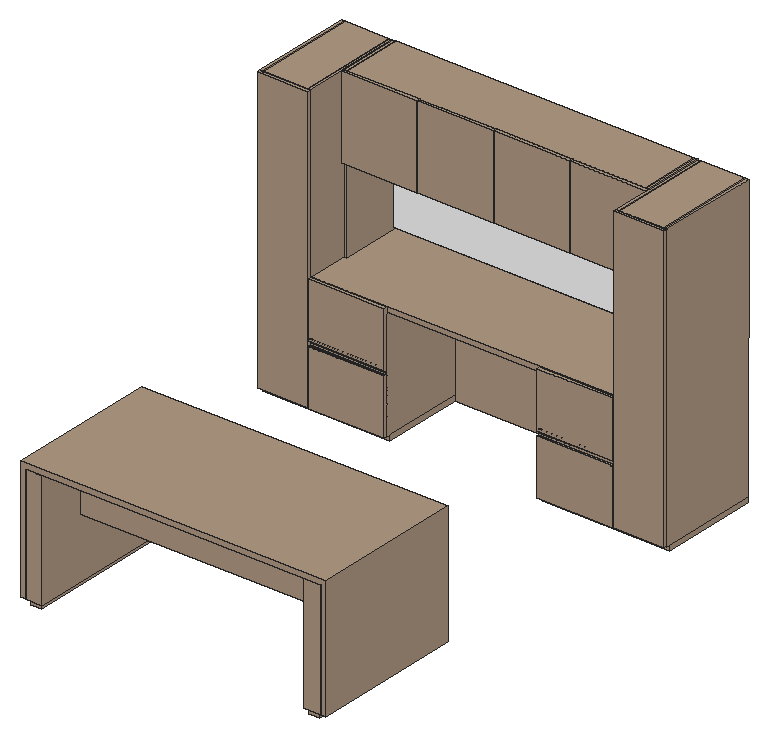
Revit family "T100001", category Furniture, Revit 2013
Parameters (values of type "T100001")
  Width = 96"
  URL = "http://www.ofsbrands.com/"
  Top Core Material = OFS BRANDS SLATE Top Core Wood
  Pull Material = OFS BRANDS SLATE Pull Metal
  Model = "T100001"
  Manufacturer = "OFS"
  Lock Material = OFS BRANDS SLATE Lock Metal
  Height = 68 3/4"
  Glides Material = OFS BRANDS SLATE Glide Plastic
  Drawer Front Material = OFS BRANDS SLATE Drawer Front Wood
  Description = "OFS BRANDS OFS SLATE TYPICAL T100001"
  Depth = 113 1/4"
  Copyright © = "© 2018 OFS BRANDS"
  Chassis Material = OFS BRANDS SLATE Chassis Wood
  Catalog = "http://ofsbrands.com/products/casegoods/private-office/slate"
  Grommet  Material = OFS BRANDS SLATE Grommet Metal
  Back Coverage Material = OFS BRANDS SLATE Back Coverage Plastic
  Authoring Version = "Autodesk Revit Architecture 2013"
  Assembly Code = "E2020200"
Reference planes (in)
  plane 1 "Center (Front/Back)": y = 0
  plane 2: z = 0
  plane 3 "Center (Left/Right)": x = 0
Forms (in)
  Extrusion 1, solid, material "OFS BRANDS SLATE Top Core Wood" <- "Top Core Material"
    sketch origin (36, -56.63663, 0) x (-1, 0, 0) y (0, 0, -1)
      loop
        line (72.00001, -1.7) -> (70.8125, -1.7) -> (70.8125, -29.2) -> (1.1875, -29.2) -> (1.18723, -1.7) -> (0, -1.7) -> (0, -30.3875) -> (72, -30.3875) -> (72.00001, -1.7)
    from -35.9375 to 0
  Extrusion 2, solid, material "OFS BRANDS SLATE Chassis Wood" <- "Chassis Material"
    sketch origin (-31.87492, -43.93146, 457.72219) x (0, -1, 0) y (0, 0, 1)
      loop
        line (12.70514, -456.02219) -> (12.70515, -428.52219) -> (-23.23233, -428.52219) -> (-23.23233, -456.02219) -> (12.70514, -456.02219)
    from -1.0625 to 2.93758
  Extrusion 3, solid, material "OFS BRANDS SLATE Chassis Wood" <- "Chassis Material"
    sketch origin (-31.87492, -43.93146, 430.22219) x (0, -1, 0) y (0, 0, 1)
      loop
        line (11.95518, -429.77219) -> (11.95518, -428.52219) -> (-22.48232, -428.52219) -> (-22.48232, -429.77219) -> (11.95518, -429.77219)
    from -0.31242 to 2.18758
  Revolve 4, solid, material "OFS BRANDS SLATE Glide Plastic" <- "Glides Material"
    sketch origin (-15.30665, -22.71268, 0.19832) x (1, 0, 0) y (0, 0, 1)
      loop
        line (-17.50584, 0.25168) -> (-17.75606, 0.25168) -> (-17.75606, 0.05337)
        arc (-17.75606, 0.05337) -> (-17.8819, -0.07247) -> (-17.75606, -0.19831) r 0.12584
        line (-17.75606, -0.19831) -> (-17.50584, -0.19831) -> (-17.50584, 0.25168)
      axis (-17.50584, 0.25168) -> (-17.50584, -0.19831)
    angle from 0 to 360
  Revolve 5, solid, material "OFS BRANDS SLATE Glide Plastic" <- "Glides Material"
    sketch origin (-15.30665, -54.62306, 0.19832) x (1, 0, 0) y (0, 0, -1)
      loop
        line (-17.50584, -0.25168) -> (-17.50584, 0.19831) -> (-17.75606, 0.19831)
        arc (-17.75606, 0.19831) -> (-17.8819, 0.07247) -> (-17.75606, -0.05337) r 0.12584
        line (-17.75606, -0.05337) -> (-17.75606, -0.25168) -> (-17.50584, -0.25168)
      axis (-17.50584, -0.25168) -> (-17.50584, 0.19831)
    angle from 0 to 360
  Extrusion 6, solid, material "OFS BRANDS SLATE Chassis Wood" <- "Chassis Material"
    sketch origin (31.87492, -43.93146, 457.72219) x (0, -1, 0) y (0, 0, -1)
      loop
        line (12.70514, 456.02219) -> (-23.23233, 456.02219) -> (-23.23233, 428.52219) -> (12.70515, 428.52219) -> (12.70514, 456.02219)
    from -1.0625 to 2.93758
  Extrusion 7, solid, material "OFS BRANDS SLATE Chassis Wood" <- "Chassis Material"
    sketch origin (31.87492, -43.93146, 430.22219) x (0, -1, 0) y (0, 0, -1)
      loop
        line (11.95518, 429.77219) -> (-22.48232, 429.77219) -> (-22.48232, 428.52219) -> (11.95518, 428.52219) -> (11.95518, 429.77219)
    from -0.31242 to 2.18758
  Revolve 8, solid, material "OFS BRANDS SLATE Glide Plastic" <- "Glides Material"
    sketch origin (15.30665, -22.71268, 0.19832) x (-1, 0, 0) y (0, 0, -1)
      loop
        line (-17.50584, -0.25168) -> (-17.50584, 0.19831) -> (-17.75606, 0.19831)
        arc (-17.75606, 0.19831) -> (-17.8819, 0.07247) -> (-17.75606, -0.05337) r 0.12584
        line (-17.75606, -0.05337) -> (-17.75606, -0.25168) -> (-17.50584, -0.25168)
      axis (-17.50584, -0.25168) -> (-17.50584, 0.19831)
    angle from 0 to 360
  Revolve 9, solid, material "OFS BRANDS SLATE Glide Plastic" <- "Glides Material"
    sketch origin (15.30665, -54.62306, 0.19832) x (-1, 0, 0) y (0, 0, 1)
      loop
        line (-17.50584, 0.25168) -> (-17.75606, 0.25168) -> (-17.75606, 0.05337)
        arc (-17.75606, 0.05337) -> (-17.8819, -0.07247) -> (-17.75606, -0.19831) r 0.12584
        line (-17.75606, -0.19831) -> (-17.50584, -0.19831) -> (-17.50584, 0.25168)
      axis (-17.50584, 0.25168) -> (-17.50584, -0.19831)
    angle from 0 to 360
  Extrusion 10, solid, material "OFS BRANDS SLATE Chassis Wood" <- "Chassis Material"
    sketch origin (-9.64428, -44.38663, 0) x (1, 0, 0) y (0, 0, -1)
      loop
        line (40.4567, -16.2) -> (-21.16814, -16.2) -> (-21.16814, -29.2) -> (40.45671, -29.2) -> (40.4567, -16.2)
    from -1.0625 to -0.3125
  Extrusion 11, solid, material "OFS BRANDS SLATE Top Core Wood" <- "Top Core Material"
    sketch origin (-27.50147, -34.77767, 0) x (1, 0, 0) y (0, 1, 0)
      loop
        line (-11.38538, 67.4143) -> (60.61462, 67.4143) -> (60.61462, 91.4143) -> (-11.38538, 91.4143) -> (-11.38538, 67.4143)
    from 28.0125 to 29.2
  Extrusion 12, solid, material "OFS BRANDS SLATE Chassis Wood" <- "Chassis Material"
    sketch origin (-38.13685, 29.72273, 29.4745) x (0, -1, 0) y (0, 0, -1)
      loop
        line (-12.6639, 0.2745) -> (-26.9139, 0.2745) -> (-26.9139, -39.2755) -> (-12.6639, -39.2755) -> (-12.6639, 0.2745)
    from -0.75 to 0
  Extrusion 13, solid, material "OFS BRANDS SLATE Chassis Wood" <- "Chassis Material"
    sketch origin (33.11315, 29.72273, 29.4745) x (0, -1, 0) y (0, 0, -1)
      loop
        line (-12.6639, 0.2745) -> (-26.9139, 0.2745) -> (-26.9139, -39.2755) -> (-12.6639, -39.2755) -> (-12.6639, 0.2745)
    from -0.75 to 0
  Extrusion 14, solid, material "OFS BRANDS SLATE Chassis Wood" <- "Chassis Material"
    sketch origin (-27.50147, -34.77767, 57) x (1, 0, 0) y (0, 1, 0)
      loop
        line (-10.63538, 77.1643) -> (59.86462, 77.1643) -> (59.86462, 91.4143) -> (-10.63538, 91.4143) -> (-10.63538, 77.1643)
    from 11 to 11.75
  Extrusion 15, solid, material "OFS BRANDS SLATE Chassis Wood" <- "Chassis Material"
    sketch origin (-27.50147, -34.77767, 39.25) x (1, 0, 0) y (0, 1, 0)
      loop
        line (-10.63538, 77.1643) -> (59.86462, 77.1643) -> (59.86462, 90.6643) -> (-10.63538, 90.6643) -> (-10.63538, 77.1643)
    from 11 to 12.1875
  Extrusion 16, solid, material "OFS BRANDS SLATE Back Coverage Plastic" <- "Back Coverage Material"
    sketch origin (8.94117, 57.07413, 29.2) x (-1, 0, 0) y (0, 0, 1)
      loop
        line (47.07802, 0.55) -> (47.07802, 38.8) -> (-23.54483, 38.8) -> (-23.54483, 0.55) -> (47.07802, 0.55)
    from -1.1875 to -0.4375
  Extrusion 17, solid, material "OFS BRANDS SLATE Chassis Wood" <- "Chassis Material"
    sketch origin (-38.88685, 29.72273, 29.4745) x (0, -1, 0) y (0, 0, -1)
      loop
        line (-2.9139, 27.7745) -> (-26.9139, 27.7745) -> (-26.9139, -39.22549) -> (-2.9139, -39.22549) -> (-2.9139, 27.7745)
    from -0.75 to 0
  Extrusion 18, solid, material "OFS BRANDS SLATE Chassis Wood" <- "Chassis Material"
    sketch origin (-50.13685, 29.72273, 29.4745) x (0, -1, 0) y (0, 0, -1)
      loop
        line (-2.9139, 27.7745) -> (-26.9139, 27.7745) -> (-26.9139, -39.22549) -> (-2.9139, -39.22549) -> (-2.9139, 27.7745)
    from -0.75 to 0
  Extrusion 19, solid, material "OFS BRANDS SLATE Chassis Wood" <- "Chassis Material"
    sketch origin (-99.50147, -34.77767, 56.94999) x (1, 0, 0) y (0, 1, 0)
      loop
        line (49.36462, 67.4143) -> (59.86462, 67.4143) -> (59.86462, 91.4143) -> (49.36462, 91.4143) -> (49.36462, 67.4143)
    from 11 to 11.75
  Extrusion 20, solid, material "OFS BRANDS SLATE Drawer Front Wood" <- "Drawer Front Material"
    sketch origin (-38.88685, 29.72273, 29.4745) x (0, -1, 0) y (0, 0, -1)
      loop
        line (-11.82728, -19.77549) -> (-12.13907, -19.77549) -> (-12.57729, -20.21372) -> (-12.57728, -39.2755) -> (-11.82728, -39.2755) -> (-11.82728, -19.77549)
    from 0.0625 to 17.9375
  Extrusion 21, solid, material "OFS BRANDS SLATE Drawer Front Wood" <- "Drawer Front Material"
    sketch origin (-20.88685, 29.72273, 29.4745) x (0, -1, 0) y (0, 0, -1)
      loop
        line (-11.82728, -19.77549) -> (-12.13907, -19.77549) -> (-12.57729, -20.21372) -> (-12.57728, -39.2755) -> (-11.82728, -39.2755) -> (-11.82728, -19.77549)
    from 0.0625 to 17.9375
  Extrusion 22, solid, material "OFS BRANDS SLATE Drawer Front Wood" <- "Drawer Front Material"
    sketch origin (-2.88685, 29.72273, 29.4745) x (0, -1, 0) y (0, 0, -1)
      loop
        line (-11.82728, -19.77549) -> (-12.13907, -19.77549) -> (-12.57729, -20.21372) -> (-12.57728, -39.2755) -> (-11.82728, -39.2755) -> (-11.82728, -19.77549)
    from 0.0625 to 17.9375
  Extrusion 23, solid, material "OFS BRANDS SLATE Drawer Front Wood" <- "Drawer Front Material"
    sketch origin (15.11316, 29.72274, 29.4745) x (0, -1, 0) y (0, 0, -1)
      loop
        line (-11.82728, -19.77549) -> (-12.13907, -19.77549) -> (-12.57729, -20.21372) -> (-12.57728, -39.2755) -> (-11.82728, -39.2755) -> (-11.82728, -19.77549)
    from 0.0625 to 17.9375
  Extrusion 24, solid, material "OFS BRANDS SLATE Chassis Wood" <- "Chassis Material"
    sketch origin (-39.50147, -34.77767, -27.56251) x (1, 0, 0) y (0, 1, 0)
      loop
        line (-11.38538, 68.2893) -> (18.61462, 68.2893) -> (18.61462, 91.4143) -> (-11.38538, 91.4143) -> (-11.38538, 68.2893)
    from 28.0125 to 29.26251
  Revolve 25, solid, material "OFS BRANDS SLATE Glide Plastic" <- "Glides Material"
    sketch origin (-31.9901, 34.88708, 0.19832) x (1, 0, 0) y (0, 0, 1)
      loop
        line (-17.50584, 0.25168) -> (-17.75606, 0.25168) -> (-17.75606, 0.05337)
        arc (-17.75606, 0.05337) -> (-17.8819, -0.07247) -> (-17.75606, -0.19831) r 0.12584
        line (-17.75606, -0.19831) -> (-17.50584, -0.19831) -> (-17.50584, 0.25168)
      axis (-17.50584, 0.25168) -> (-17.50584, -0.19831)
    angle from 0 to 360
  Revolve 26, solid, material "OFS BRANDS SLATE Glide Plastic" <- "Glides Material"
    sketch origin (-22.7719, 34.88708, 0.19832) x (1, 0, 0) y (0, 0, 1)
      loop
        line (-17.50584, 0.25168) -> (-17.75606, 0.25168) -> (-17.75606, 0.05337)
        arc (-17.75606, 0.05337) -> (-17.8819, -0.07247) -> (-17.75606, -0.19831) r 0.12584
        line (-17.75606, -0.19831) -> (-17.50584, -0.19831) -> (-17.50584, 0.25168)
      axis (-17.50584, 0.25168) -> (-17.50584, -0.19831)
    angle from 0 to 360
  Revolve 27, solid, material "OFS BRANDS SLATE Glide Plastic" <- "Glides Material"
    sketch origin (-19.9901, 34.88708, 0.19832) x (1, 0, 0) y (0, 0, 1)
      loop
        line (-17.50584, 0.25168) -> (-17.75606, 0.25168) -> (-17.75606, 0.05337)
        arc (-17.75606, 0.05337) -> (-17.8819, -0.07247) -> (-17.75606, -0.19831) r 0.12584
        line (-17.75606, -0.19831) -> (-17.50584, -0.19831) -> (-17.50584, 0.25168)
      axis (-17.50584, 0.25168) -> (-17.50584, -0.19831)
    angle from 0 to 360
  Revolve 28, solid, material "OFS BRANDS SLATE Glide Plastic" <- "Glides Material"
    sketch origin (-4.7719, 34.88708, 0.19832) x (1, 0, 0) y (0, 0, 1)
      loop
        line (-17.50584, 0.25168) -> (-17.75606, 0.25168) -> (-17.75606, 0.05337)
        arc (-17.75606, 0.05337) -> (-17.8819, -0.07247) -> (-17.75606, -0.19831) r 0.12584
        line (-17.75606, -0.19831) -> (-17.50584, -0.19831) -> (-17.50584, 0.25168)
      axis (-17.50584, 0.25168) -> (-17.50584, -0.19831)
    angle from 0 to 360
  Revolve 29, solid, material "OFS BRANDS SLATE Glide Plastic" <- "Glides Material"
    sketch origin (-31.9901, 55.2612, 0.19832) x (1, 0, 0) y (0, 0, 1)
      loop
        line (-17.50584, 0.25168) -> (-17.75606, 0.25168) -> (-17.75606, 0.05337)
        arc (-17.75606, 0.05337) -> (-17.8819, -0.07247) -> (-17.75606, -0.19831) r 0.12584
        line (-17.75606, -0.19831) -> (-17.50584, -0.19831) -> (-17.50584, 0.25168)
      axis (-17.50584, 0.25168) -> (-17.50584, -0.19831)
    angle from 0 to 360
  Revolve 30, solid, material "OFS BRANDS SLATE Glide Plastic" <- "Glides Material"
    sketch origin (-22.7719, 55.2612, 0.19832) x (1, 0, 0) y (0, 0, 1)
      loop
        line (-17.50584, 0.25168) -> (-17.75606, 0.25168) -> (-17.75606, 0.05337)
        arc (-17.75606, 0.05337) -> (-17.8819, -0.07247) -> (-17.75606, -0.19831) r 0.12584
        line (-17.75606, -0.19831) -> (-17.50584, -0.19831) -> (-17.50584, 0.25168)
      axis (-17.50584, 0.25168) -> (-17.50584, -0.19831)
    angle from 0 to 360
  Revolve 31, solid, material "OFS BRANDS SLATE Glide Plastic" <- "Glides Material"
    sketch origin (-19.9901, 55.2612, 0.19832) x (1, 0, 0) y (0, 0, 1)
      loop
        line (-17.50584, 0.25168) -> (-17.75606, 0.25168) -> (-17.75606, 0.05337)
        arc (-17.75606, 0.05337) -> (-17.8819, -0.07247) -> (-17.75606, -0.19831) r 0.12584
        line (-17.75606, -0.19831) -> (-17.50584, -0.19831) -> (-17.50584, 0.25168)
      axis (-17.50584, 0.25168) -> (-17.50584, -0.19831)
    angle from 0 to 360
  Revolve 32, solid, material "OFS BRANDS SLATE Glide Plastic" <- "Glides Material"
    sketch origin (-4.7719, 55.2612, 0.19832) x (1, 0, 0) y (0, 0, 1)
      loop
        line (-17.50584, 0.25168) -> (-17.75606, 0.25168) -> (-17.75606, 0.05337)
        arc (-17.75606, 0.05337) -> (-17.8819, -0.07247) -> (-17.75606, -0.19831) r 0.12584
        line (-17.75606, -0.19831) -> (-17.50584, -0.19831) -> (-17.50584, 0.25168)
      axis (-17.50584, 0.25168) -> (-17.50584, -0.19831)
    angle from 0 to 360
  Extrusion 33, solid, material "OFS BRANDS SLATE Chassis Wood" <- "Chassis Material"
    sketch origin (-13.6358, 53.69913, 0) x (1, 0, 0) y (0, 0, -1)
      loop
        line (28.74895, -0.45) -> (-7.25105, -0.45) -> (-7.25105, -28.0125) -> (28.74895, -28.0125) -> (28.74895, -0.45)
    from -1.0625 to -0.3125
  Extrusion 34, solid, material "OFS BRANDS SLATE Chassis Wood" <- "Chassis Material"
    sketch origin (-20.88685, 29.72273, 29.4745) x (0, -1, 0) y (0, 0, -1)
      loop
        line (-2.9139, 27.7745) -> (-26.9139, 27.7745) -> (-26.9139, 1.462) -> (-2.9139, 1.462) -> (-2.9139, 27.7745)
    from -0.75 to 0
  Extrusion 35, solid, material "OFS BRANDS SLATE Chassis Wood" <- "Chassis Material"
    sketch origin (-38.13685, 29.72273, 29.4745) x (0, -1, 0) y (0, 0, -1)
      loop
        line (-2.9139, 27.7745) -> (-26.9139, 27.7745) -> (-26.9139, 1.462) -> (-2.9139, 1.462) -> (-2.9139, 27.7745)
    from -0.75 to 0
  Extrusion 36, solid, material "OFS BRANDS SLATE Chassis Wood" <- "Chassis Material"
    sketch origin (-20.13685, 29.72273, 29.4745) x (0, -1, 0) y (0, 0, -1)
      loop
        line (-23.6639, 29.0245) -> (-26.9139, 29.0245) -> (-26.9139, 1.462) -> (-23.6639, 1.462) -> (-23.6639, 29.0245)
    from -0.75 to 0
  Extrusion 37, solid, material "OFS BRANDS SLATE Chassis Wood" <- "Chassis Material"
    sketch origin (33.11315, 29.72273, 29.4745) x (0, -1, 0) y (0, 0, 1)
      loop
        line (-2.9139, -27.7745) -> (-2.9139, 39.22549) -> (-26.9139, 39.22549) -> (-26.9139, -27.7745) -> (-2.9139, -27.7745)
    from -0.75 to 0
  Extrusion 38, solid, material "OFS BRANDS SLATE Chassis Wood" <- "Chassis Material"
    sketch origin (44.36315, 29.72273, 29.4745) x (0, -1, 0) y (0, 0, 1)
      loop
        line (-2.9139, -27.7745) -> (-2.9139, 39.22549) -> (-26.9139, 39.22549) -> (-26.9139, -27.7745) -> (-2.9139, -27.7745)
    from -0.75 to 0
  Extrusion 39, solid, material "OFS BRANDS SLATE Chassis Wood" <- "Chassis Material"
    sketch origin (93.72777, -34.77767, 56.94999) x (-1, 0, 0) y (0, -1, 0)
      loop
        line (49.36462, -67.4143) -> (49.36462, -91.4143) -> (59.86462, -91.4143) -> (59.86462, -67.4143) -> (49.36462, -67.4143)
    from 11 to 11.75
  Extrusion 40, solid, material "OFS BRANDS SLATE Chassis Wood" <- "Chassis Material"
    sketch origin (33.72777, -34.77767, -27.56251) x (-1, 0, 0) y (0, -1, 0)
      loop
        line (-11.38538, -68.2893) -> (-11.38538, -91.4143) -> (18.61462, -91.4143) -> (18.61462, -68.2893) -> (-11.38538, -68.2893)
    from 28.0125 to 29.26251
  Revolve 41, solid, material "OFS BRANDS SLATE Glide Plastic" <- "Glides Material"
    sketch origin (26.2164, 34.88708, 0.19832) x (-1, 0, 0) y (0, 0, -1)
      loop
        line (-17.50584, -0.25168) -> (-17.50584, 0.19831) -> (-17.75606, 0.19831)
        arc (-17.75606, 0.19831) -> (-17.8819, 0.07247) -> (-17.75606, -0.05337) r 0.12584
        line (-17.75606, -0.05337) -> (-17.75606, -0.25168) -> (-17.50584, -0.25168)
      axis (-17.50584, -0.25168) -> (-17.50584, 0.19831)
    angle from 0 to 360
  Revolve 42, solid, material "OFS BRANDS SLATE Glide Plastic" <- "Glides Material"
    sketch origin (16.9982, 34.88708, 0.19832) x (-1, 0, 0) y (0, 0, -1)
      loop
        line (-17.50584, -0.25168) -> (-17.50584, 0.19831) -> (-17.75606, 0.19831)
        arc (-17.75606, 0.19831) -> (-17.8819, 0.07247) -> (-17.75606, -0.05337) r 0.12584
        line (-17.75606, -0.05337) -> (-17.75606, -0.25168) -> (-17.50584, -0.25168)
      axis (-17.50584, -0.25168) -> (-17.50584, 0.19831)
    angle from 0 to 360
  Revolve 43, solid, material "OFS BRANDS SLATE Glide Plastic" <- "Glides Material"
    sketch origin (14.2164, 34.88708, 0.19832) x (-1, 0, 0) y (0, 0, -1)
      loop
        line (-17.50584, -0.25168) -> (-17.50584, 0.19831) -> (-17.75606, 0.19831)
        arc (-17.75606, 0.19831) -> (-17.8819, 0.07247) -> (-17.75606, -0.05337) r 0.12584
        line (-17.75606, -0.05337) -> (-17.75606, -0.25168) -> (-17.50584, -0.25168)
      axis (-17.50584, -0.25168) -> (-17.50584, 0.19831)
    angle from 0 to 360
  Revolve 44, solid, material "OFS BRANDS SLATE Glide Plastic" <- "Glides Material"
    sketch origin (-1.0018, 34.88708, 0.19832) x (-1, 0, 0) y (0, 0, -1)
      loop
        line (-17.50584, -0.25168) -> (-17.50584, 0.19831) -> (-17.75606, 0.19831)
        arc (-17.75606, 0.19831) -> (-17.8819, 0.07247) -> (-17.75606, -0.05337) r 0.12584
        line (-17.75606, -0.05337) -> (-17.75606, -0.25168) -> (-17.50584, -0.25168)
      axis (-17.50584, -0.25168) -> (-17.50584, 0.19831)
    angle from 0 to 360
  Revolve 45, solid, material "OFS BRANDS SLATE Glide Plastic" <- "Glides Material"
    sketch origin (26.2164, 55.2612, 0.19832) x (-1, 0, 0) y (0, 0, -1)
      loop
        line (-17.50584, -0.25168) -> (-17.50584, 0.19831) -> (-17.75606, 0.19831)
        arc (-17.75606, 0.19831) -> (-17.8819, 0.07247) -> (-17.75606, -0.05337) r 0.12584
        line (-17.75606, -0.05337) -> (-17.75606, -0.25168) -> (-17.50584, -0.25168)
      axis (-17.50584, -0.25168) -> (-17.50584, 0.19831)
    angle from 0 to 360
  Revolve 46, solid, material "OFS BRANDS SLATE Glide Plastic" <- "Glides Material"
    sketch origin (16.9982, 55.2612, 0.19832) x (-1, 0, 0) y (0, 0, -1)
      loop
        line (-17.50584, -0.25168) -> (-17.50584, 0.19831) -> (-17.75606, 0.19831)
        arc (-17.75606, 0.19831) -> (-17.8819, 0.07247) -> (-17.75606, -0.05337) r 0.12584
        line (-17.75606, -0.05337) -> (-17.75606, -0.25168) -> (-17.50584, -0.25168)
      axis (-17.50584, -0.25168) -> (-17.50584, 0.19831)
    angle from 0 to 360
  Revolve 47, solid, material "OFS BRANDS SLATE Glide Plastic" <- "Glides Material"
    sketch origin (14.2164, 55.2612, 0.19832) x (-1, 0, 0) y (0, 0, -1)
      loop
        line (-17.50584, -0.25168) -> (-17.50584, 0.19831) -> (-17.75606, 0.19831)
        arc (-17.75606, 0.19831) -> (-17.8819, 0.07247) -> (-17.75606, -0.05337) r 0.12584
        line (-17.75606, -0.05337) -> (-17.75606, -0.25168) -> (-17.50584, -0.25168)
      axis (-17.50584, -0.25168) -> (-17.50584, 0.19831)
    angle from 0 to 360
  Revolve 48, solid, material "OFS BRANDS SLATE Glide Plastic" <- "Glides Material"
    sketch origin (-1.0018, 55.2612, 0.19832) x (-1, 0, 0) y (0, 0, -1)
      loop
        line (-17.50584, -0.25168) -> (-17.50584, 0.19831) -> (-17.75606, 0.19831)
        arc (-17.75606, 0.19831) -> (-17.8819, 0.07247) -> (-17.75606, -0.05337) r 0.12584
        line (-17.75606, -0.05337) -> (-17.75606, -0.25168) -> (-17.50584, -0.25168)
      axis (-17.50584, -0.25168) -> (-17.50584, 0.19831)
    angle from 0 to 360
  Extrusion 49, solid, material "OFS BRANDS SLATE Chassis Wood" <- "Chassis Material"
    sketch origin (15.11315, 29.72273, 29.4745) x (0, -1, 0) y (0, 0, 1)
      loop
        line (-2.9139, -27.7745) -> (-2.9139, -1.462) -> (-26.9139, -1.462) -> (-26.9139, -27.7745) -> (-2.9139, -27.7745)
    from -0.75 to 0
  Extrusion 50, solid, material "OFS BRANDS SLATE Chassis Wood" <- "Chassis Material"
    sketch origin (32.36315, 29.72273, 29.4745) x (0, -1, 0) y (0, 0, 1)
      loop
        line (-2.9139, -27.7745) -> (-2.9139, -1.462) -> (-26.9139, -1.462) -> (-26.9139, -27.7745) -> (-2.9139, -27.7745)
    from -0.75 to 0
  Extrusion 51, solid, material "OFS BRANDS SLATE Chassis Wood" <- "Chassis Material"
    sketch origin (14.36315, 29.72273, 29.4745) x (0, -1, 0) y (0, 0, 1)
      loop
        line (-23.6639, -29.0245) -> (-23.6639, -1.462) -> (-26.9139, -1.462) -> (-26.9139, -29.0245) -> (-23.6639, -29.0245)
    from -0.75 to 0
  Extrusion 52, solid, material "OFS BRANDS SLATE Drawer Front Wood" <- "Drawer Front Material"
    sketch origin (8.93457, 32.94912, 43.6875) x (1, 0, 0) y (0, 0, -1)
      loop
        line (-59.75899, -24.94999) -> (-47.88385, -24.94999) -> (-47.88385, 41.92501) -> (-59.75899, 41.92501) -> (-59.75899, -24.94999)
    from -1.0625 to -0.3125
  Extrusion 53, solid, material "OFS BRANDS SLATE Drawer Front Wood" <- "Drawer Front Material"
    sketch origin (-14.70827, 32.94912, 43.6875) x (-1, 0, 0) y (0, 0, 1)
      loop
        line (-59.75899, 24.94999) -> (-59.75899, -41.92501) -> (-47.88385, -41.92501) -> (-47.88385, 24.94999) -> (-59.75899, 24.94999)
    from -1.0625 to -0.3125
  Extrusion 54, solid, material "OFS BRANDS SLATE Drawer Front Wood" <- "Drawer Front Material"
    sketch origin (26.997, 32.86251, 43.6875) x (1, 0, 0) y (0, 0, -1)
      loop
        line (-65.75885, 14.55) -> (-47.88385, 14.55) -> (-47.88385, 41.92501) -> (-65.75885, 41.92501) -> (-65.75885, 14.55)
    from -1.0625 to -0.3125
  Extrusion 55, void
    sketch origin (-20.88685, 32.86251, 71.875) x (0, 0, 1) y (0, 1, 0)
      loop
        line (-55.89375, -1.0625) -> (-55.89375, -0.96003)
        arc (-55.89375, -0.96003) -> (-55.64811, -0.71439) -> (-55.89375, -0.46875) r 0.24564
        line (-55.89375, -0.46875) -> (-56.39375, -0.46875) -> (-56.39375, -0.3125) -> (-56.51876, -0.3125) -> (-56.51876, -0.46875) -> (-57.01876, -0.46875)
        arc (-57.01876, -0.46875) -> (-57.2644, -0.71439) -> (-57.01876, -0.96003) r 0.24564
        line (-57.01876, -0.96003) -> (-57.01876, -1.0625) -> (-55.89375, -1.0625)
    from 0 to 17.875
  Extrusion 56, solid, material "OFS BRANDS SLATE Drawer Front Wood" <- "Drawer Front Material"
    sketch origin (-32.77071, 32.86251, 43.6875) x (-1, 0, 0) y (0, 0, 1)
      loop
        line (-65.75885, -14.55) -> (-65.75885, -41.92501) -> (-47.88385, -41.92501) -> (-47.88385, -14.55) -> (-65.75885, -14.55)
    from -1.0625 to -0.3125
  Extrusion 57, void
    sketch origin (15.11315, 32.86251, 71.875) x (0, 0, 1) y (0, -1, 0)
      loop
        line (-55.89375, 1.0625) -> (-57.01876, 1.0625) -> (-57.01876, 0.96003)
        arc (-57.01876, 0.96003) -> (-57.2644, 0.71439) -> (-57.01876, 0.46875) r 0.24564
        line (-57.01876, 0.46875) -> (-56.51876, 0.46875) -> (-56.51876, 0.3125) -> (-56.39375, 0.3125) -> (-56.39375, 0.46875) -> (-55.89375, 0.46875)
        arc (-55.89375, 0.46875) -> (-55.64811, 0.71439) -> (-55.89375, 0.96003) r 0.24564
        line (-55.89375, 0.96003) -> (-55.89375, 1.0625)
    from 0 to 17.875
  Extrusion 58, solid, material "OFS BRANDS SLATE Chassis Wood" <- "Chassis Material"
    sketch origin (19.55638, 56.88664, 0) x (1, 0, 0) y (0, 0, -1)
      loop
        line (24.80677, -1.7) -> (14.30677, -1.7) -> (14.30677, -68) -> (24.80677, -68) -> (24.80677, -1.7)
    from -1.0625 to -0.3125
  Extrusion 59, solid, material "OFS BRANDS SLATE Chassis Wood" <- "Chassis Material"
    sketch origin (7.55638, 56.88664, 0) x (1, 0, 0) y (0, 0, -1)
      loop
        line (24.80677, -1.7) -> (8.30677, -1.7) -> (8.30677, -28.0125) -> (24.80677, -28.0125) -> (24.80677, -1.7)
    from -1.0625 to -0.3125
  Extrusion 60, solid, material "OFS BRANDS SLATE Chassis Wood" <- "Chassis Material"
    sketch origin (-25.33009, 56.88664, 0) x (-1, 0, 0) y (0, 0, 1)
      loop
        line (24.80677, 1.7) -> (24.80677, 68) -> (14.30677, 68) -> (14.30677, 1.7) -> (24.80677, 1.7)
    from -1.0625 to -0.3125
  Extrusion 61, solid, material "OFS BRANDS SLATE Chassis Wood" <- "Chassis Material"
    sketch origin (-13.33009, 56.88664, 0) x (-1, 0, 0) y (0, 0, 1)
      loop
        line (24.80677, 1.7) -> (24.80677, 28.0125) -> (8.30677, 28.0125) -> (8.30677, 1.7) -> (24.80677, 1.7)
    from -1.0625 to -0.3125
Cuts and joins
  Extrusion 55, Extrusion 57 cuts Extrusion 54
  Extrusion 57 cuts Extrusion 56
Dimensions and locks (in)
  aligned and locked: level to plane 2
